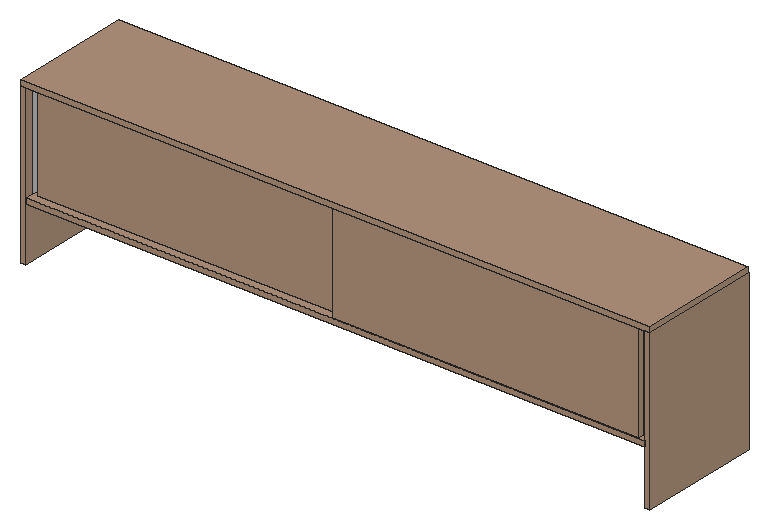
Revit family "Mounted_Storage_&_Accessories-Teknion-RSEDS_Elevated_Desktop_Cabinet_Sliding_Doors-R2019", category Furniture, Revit 2019 (continued)
Dimensions and locks (in)
  aligned and locked: curve 74 to Sweep 16
  aligned and locked: curve 75 to Sweep 16
  aligned and locked: curve 76 to Sweep 16
  aligned and locked: curve 77 to Sweep 16
  aligned and locked: curve 78 to Sweep 16
  aligned and locked: curve 79 to Sweep 13
  aligned and locked: curve 80 to Sweep 13
  aligned and locked: curve 81 to Sweep 13
  aligned and locked: curve 82 to Sweep 13
  aligned and locked: curve 83 to Sweep 13
  aligned and locked: curve 84 to Sweep 13
  aligned and locked: curve 85 to Sweep 13
  aligned and locked: curve 86 to Sweep 13
  aligned and locked: curve 87 to Sweep 13
  aligned and locked: curve 88 to Sweep 13
  aligned and locked: curve 89 to Sweep 13
  aligned and locked: curve 90 to Sweep 13
  aligned and locked: curve 91 to Sweep 19
  aligned and locked: curve 92 to Sweep 19
  aligned and locked: curve 93 to Sweep 19
  aligned and locked: curve 94 to Sweep 19
  aligned and locked: curve 95 to Sweep 19
  aligned and locked: curve 96 to Sweep 19
  aligned and locked: curve 97 to Sweep 19
  aligned and locked: curve 98 to Sweep 19
  aligned and locked: curve 99 to Sweep 14
  aligned and locked: curve 100 to Sweep 14
  aligned and locked: curve 101 to Sweep 14
  aligned and locked: curve 102 to Sweep 14
  aligned and locked: curve 103 to Sweep 14
  aligned and locked: curve 104 to Sweep 14
  aligned and locked: curve 105 to Sweep 14
  aligned and locked: curve 106 to Sweep 14
  aligned and locked: curve 107 to Sweep 19
  aligned and locked: curve 108 to Sweep 19
  aligned and locked: curve 109 to Sweep 19
  aligned and locked: curve 110 to Sweep 19
  aligned and locked: curve 111 to Sweep 19
  aligned and locked: curve 112 to Sweep 19
  aligned and locked: curve 113 to Sweep 19
  aligned and locked: curve 114 to Sweep 19
  aligned and locked: curve 115 to Sweep 14
  aligned and locked: curve 116 to Sweep 14
  aligned and locked: curve 117 to Sweep 14
  aligned and locked: curve 118 to Sweep 14
  aligned and locked: curve 120 to Sweep 14
  aligned and locked: curve 121 to Sweep 14
  aligned and locked: curve 122 to Sweep 14
  aligned and locked: curve 119 to Sweep 14
  aligned and locked: curve 123 to Sweep 5
  aligned and locked: curve 124 to Sweep 5
  aligned and locked: curve 125 to Sweep 5
  aligned and locked: curve 126 to Sweep 5
  aligned and locked: curve 127 to Sweep 5
  aligned and locked: curve 128 to Sweep 5
  aligned and locked: curve 129 to Sweep 5
  aligned and locked: curve 130 to Sweep 5
  aligned and locked: curve 131 to Sweep 5
  aligned and locked: curve 132 to Sweep 5
  aligned and locked: curve 133 to Sweep 5
  aligned and locked: curve 134 to Sweep 5
  aligned and locked: curve 135 to Sweep 6
  aligned and locked: curve 136 to Sweep 6
  aligned and locked: curve 137 to Sweep 6
  aligned and locked: curve 138 to Sweep 6
  aligned and locked: curve 139 to Sweep 6
  aligned and locked: curve 140 to Sweep 6
  aligned and locked: curve 141 to Sweep 6
  aligned and locked: curve 142 to Sweep 6
  aligned and locked: curve 143 to Sweep 15
  aligned and locked: curve 144 to Sweep 15
  aligned and locked: curve 145 to Sweep 15
  aligned and locked: curve 146 to Sweep 15
  aligned and locked: curve 147 to Sweep 12
  aligned and locked: curve 148 to Sweep 12
  aligned and locked: curve 149 to Sweep 12
  aligned and locked: curve 150 to Sweep 12
  aligned and locked: curve 151 to Sweep 12
  aligned and locked: curve 152 to Sweep 12
  aligned and locked: curve 153 to Sweep 12
  aligned and locked: curve 154 to Sweep 12
  aligned and locked: curve 155 to Sweep 15
  aligned and locked: curve 156 to Sweep 15
  aligned and locked: curve 157 to Sweep 15
  aligned and locked: curve 158 to Sweep 15
  aligned and locked: curve 163 to Sweep 18
  aligned and locked: curve 164 to Sweep 18
  aligned and locked: curve 165 to Sweep 18
  aligned and locked: curve 166 to Sweep 18
  aligned and locked: curve 167 to Sweep 17
  aligned and locked: curve 168 to Sweep 17
  aligned and locked: curve 169 to Sweep 17
  aligned and locked: curve 170 to Sweep 17
  aligned and locked: curve 171 to Sweep 17
  aligned and locked: curve 172 to Sweep 17
  aligned and locked: curve 173 to Sweep 17
  aligned and locked: curve 174 to Sweep 17
  aligned and locked: curve 175 to Sweep 18
  aligned and locked: curve 176 to Sweep 18
  aligned and locked: curve 177 to Sweep 18
  aligned and locked: curve 178 to Sweep 18
  aligned and locked: plane 4 "Left" to nested 1
  aligned and locked: nested 1 to plane 11 "Insertion Point Reference Plane"
  aligned and locked: plane 11 "Insertion Point Reference Plane" to nested 2
  aligned and locked: plane 3 "Center Left/Right" to nested 2
  aligned and locked: nested 3 to plane 5 "Right"
  aligned and locked: plane 11 "Insertion Point Reference Plane" to nested 3
  aligned and locked: plane 3 "Center Left/Right" to Sweep 20 sketch curve
  aligned and locked: plane 3 "Center Left/Right" to Sweep 21 sketch curve
  aligned and locked: plane 3 "Center Left/Right" to Sweep 22 sketch curve
  aligned and locked: plane 3 "Center Left/Right" to Sweep 23 sketch curve
  aligned and locked: plane 3 "Center Left/Right" to Sweep 24 sketch curve
  aligned and locked: plane 3 "Center Left/Right" to Sweep 25 sketch curve
Automatic sketch dimensions
  Sweep 18 sketch curve to plane 3 "Center Left/Right" = 0.000"
  plane 7 "Front" to curve 1 = 0.000"
  curve 1 to plane 6 "Back" = 0.000"
  curve 2 to plane 7 "Front" = 0.000"
  curve 2 to plane 6 "Back" = 0.000"
  plane 7 "Front" to curve 4 = 0.000"
  plane 7 "Front" to curve 3 = 0.000"
Nested families (in)
  nested 1: "Teknion_2D_Node_Family-R2016" at (-42, 0, 0), visible <- "Connection Node Visibility", type "Teknion_2D_Node_Family-R2016"
  nested 2: "Teknion_2D_Node_Family-R2016" at (0, 0, 0), visible <- "Connection Node Visibility", type "Teknion_2D_Node_Family-R2016"
  nested 3: "Teknion_2D_Node_Family-R2016" at (42, 0, 0), visible <- "Connection Node Visibility", type "Teknion_2D_Node_Family-R2016"
Definition of nested family "Teknion_2D_Node_Family-R2016"
  Reference planes (in)
    plane 1 "Center (Front/Back)": y = 0
    plane 2: z = 0
    plane 3 "Center (Left/Right)": x = 0
  Lines and regions (in)
    detail lines, in view "Ref. Level"
      curve 1: circle (0, 0, 0) r 1.25 normal (0, 0, 1)
      curve 2: line (1.91508, -1.91508, 0) -> (-1.91508, 1.91508, 0)
      curve 3: line (-1.91508, -1.91508, 0) -> (1.91508, 1.91508, 0)
Types (8): name | Whiteboard | Shared Solid | Shared Frame | Shared Divider | Shared Configuration | Right Solid | Right Configuration | Model | Left Solid | Laminate | Left Configuration | Insertion Point Reference Point | Fabric | Description | Base Configuration Options | Available Widths | Accessory Finish Note | Accessory Finish
  (no name) | no | yes | no | no | yes | no | no | "RSEDSSL_16__" | no | yes | no | 0.000" | no | "Elevated Desktop Cabinet - Sliding Doors, Single - Sided Configuration, Laminate Accessory, 16\" Depth" | "Select Closed Without Cover or Closed with Power/Data Covers" | "30\", 36\", 42\", 48\", 54\", 60\", 66\", 72\", 78\", or 84\"" | "Select Source Laminate Material" | Source Laminate - Teknion - 3M - Provincial Oak
  Single-Sided, Laminate Accessory, 16" Depth | no | yes | no | no | yes | no | no | "RSEDSSL_16__" | no | yes | no | 0.000" | no | "Elevated Desktop Cabinet - Sliding Doors, Single - Sided Configuration, Laminate Accessory, 16\" Depth" | "Select Closed Without Cover or Closed with Power/Data Covers" | "30\", 36\", 42\", 48\", 54\", 60\", 66\", 72\", 78\", or 84\"" | "Select Source Laminate Material" | Source Laminate - Teknion - 3M - Provincial Oak
  Left Configuration, Laminate Accessory, 16" Depth | no | no | yes | yes | no | no | no | "RSEDSLL_16__" | yes | yes | yes | 8.1695" | no | "Elevated Desktop Cabinet - Sliding Doors, Left Configuration, Laminate Accessory, 16\" Depth" | "Select one of the options below" | "48\", 54\", 60\", 66\", 72\", 78\", or 84\"" | "Select Source Laminate Material" | Source Laminate - Teknion - 3M - Provincial Oak
  Right Configuration, Laminate Accessory, 16" Depth | no | no | yes | yes | no | yes | yes | "RSEDSRL_16__" | no | yes | no | 8.1695" | no | "Elevated Desktop Cabinet - Sliding Doors, Right Configuration, Laminate Accessory, 16\" Depth" | "Select one of the options below" | "48\", 54\", 60\", 66\", 72\", 78\", or 84\"" | "Select Source Laminate Material" | Source Laminate - Teknion - 3M - Provincial Oak
  Left Configuration, Fabric Tackboard Accessory, 16" Depth | no | no | yes | yes | no | no | no | "RSEDSLF_16__" | yes | no | yes | 8.1695" | yes | "Elevated Desktop Cabinet - Sliding Doors, Left Configuration, Fabric Tackboard Accessory, 16\" Depth" | "Select one of the options below" | "48\", 54\", 60\", 66\", 72\", 78\", or 84\"" | "Select Fabric Material" | Fabric - Teknion - B142 - Digi Tweed - Rose Tweed
  Right Configuration, Fabric Tackboard, 16" Depth | no | no | yes | yes | no | yes | yes | "RSEDSRF_16__" | no | no | no | 8.1695" | yes | "Elevated Desktop Cabinet - Sliding Doors, Right Configuration, Fabric Tackboard Accessory, 16\" Depth" | "Select one of the options below" | "48\", 54\", 60\", 66\", 72\", 78\", or 84\"" | "Select Fabric Material" | Fabric - Teknion - B142 - Digi Tweed - Rose Tweed
  Right Configuration, Whiteboard Accessory, 16" Depth | yes | no | yes | yes | no | yes | yes | "RSEDSRW_16__" | no | no | no | 8.1695" | no | "Elevated Desktop Cabinet - Sliding Doors, Right Configuration, Whiteboard Accessory, 16\" Depth" | "Select one of the options below" | "48\", 54\", 60\", 66\", 72\", 78\", or 84\"" | "Select Whiteboard Material" | Metal-Teknion-WZ-Whiteboard
  Left Configuration, Whiteboard Accessory, 16" Depth | yes | no | yes | yes | no | no | no | "RSEDSLW_16__" | yes | no | yes | 8.1695" | no | "Elevated Desktop Cabinet - Sliding Doors, Left Configuration, Whiteboard Accessory, 16\" Depth" | "Select one of the options below" | "48\", 54\", 60\", 66\", 72\", 78\", or 84\"" | "Select Whiteboard Material" | Metal-Teknion-WZ-Whiteboard
